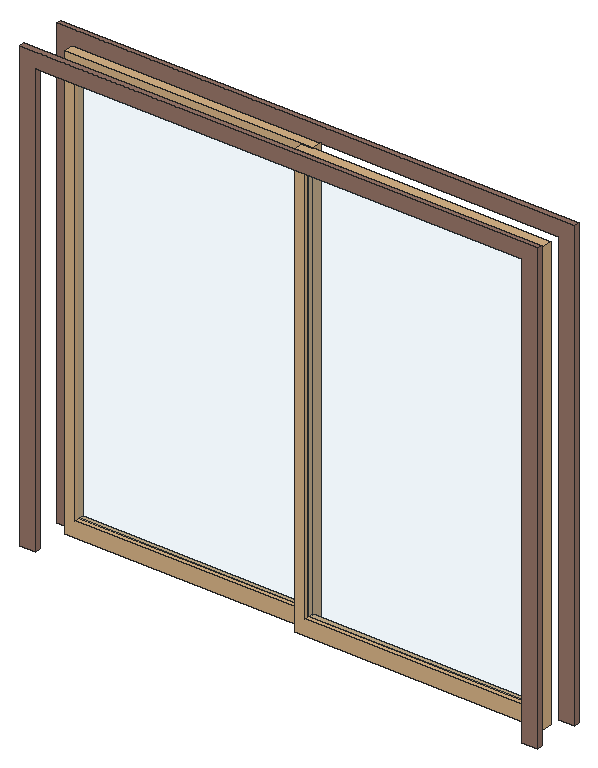
Revit family
Parameters (values of type "2400 x 2134mm")
  유리 = 유리
  Thickness = 50 mm
  Function = (empty or 0)
  Assembly Code = ""
  문 재료 = 문 - 패널
  프레임 재료 = 문 - 프레임
  Height = 2134 mm
  난간 폭 = 75 mm
  선틀 폭 = 50 mm
  자르기 투영 외부 = 25 mm
  자르기 투영 내부 = 25 mm
  자르기 폭 = 75 mm
  Wall Closure = (empty or 0)
  Width = 2400 mm
Reference planes
  plane 1: z = 0
  plane 2: x = 0
  plane 3: x = -1200
  plane 4: x = 1200
  plane 5: z = 2134
  plane 6: y = 228.6
  plane 7: y = 25.4
  plane 8: y = 178.6
  plane 9: y = 128.6
  plane 10: y = 203.6
  plane 11: y = 153.6
  plane 12: y = 156.775
  plane 13: y = 150.425
  plane 14: y = 206.775
  plane 15: y = 200.425
Forms (mm)
  Extrusion 1, solid, material "문 - 프레임" <- "프레임 재료"
    sketch origin (-1524, 228.6, 0) x (-1, 0, 0) y (0, 0, 1)
      loop
        line (-2724, 0) -> (-2724, 2134) -> (-324, 2134) -> (-324, 0) -> (-249, 0) -> (-249, 2209) -> (-2799, 2209) -> (-2799, 0) -> (-2724, 0)
    from 0 to 25
  Extrusion 2, solid, material "문 - 프레임" <- "프레임 재료"
    sketch origin (0, 25.4, 0) x (0, 0, -1) y (-1, 0, 0)
      loop
        line (0, 1200) -> (0, 1275) -> (-2209, 1275) -> (-2209, -1275) -> (0, -1275) -> (0, -1200) -> (-2134, -1200) -> (-2134, 1200) -> (0, 1200)
    from 0 to -25
  Extrusion 3, solid, material "문 - 패널" <- "문 재료"
    sketch origin (-1524, 228.6, 0) x (-1, 0, 0) y (0, 0, 1)
      loop
        line (-324, 2134) -> (-1549.4, 2134) -> (-1549.4, 0) -> (-324, 0) -> (-324, 2134)
      loop
        line (-374, 2059) -> (-1499.4, 2059) -> (-1499.4, 75) -> (-374, 75) -> (-374, 2059)
    from -50 to 0
  Extrusion 4, solid, material "유리" <- "유리"
    sketch origin (-1524, 228.6, 0) x (-1, 0, 0) y (0, 0, 1)
      loop
        line (-1499.4, 2059) -> (-1499.4, 75) -> (-374, 75) -> (-374, 2059) -> (-1499.4, 2059)
    from -28.175 to -21.825
  Extrusion 5, solid, material "문 - 패널" <- "문 재료"
    sketch origin (-1524, 228.6, 0) x (-1, 0, 0) y (0, 0, 1)
      loop
        line (-2724, 2134) -> (-2724, 0) -> (-1498.6, 0) -> (-1498.6, 2134) -> (-2724, 2134)
      loop
        line (-2674, 2059) -> (-2674, 75) -> (-1548.6, 75) -> (-1548.6, 2059) -> (-2674, 2059)
    from -100 to -50
  Extrusion 6, solid, material "유리"
    sketch origin (-1524, 228.6, 0) x (-1, 0, 0) y (0, 0, 1)
      loop
        line (-2674, 2059) -> (-2674, 75) -> (-1549.4, 75) -> (-1549.4, 2059) -> (-2674, 2059)
    from -78.175 to -71.825
Lines and regions (mm)
  Opening 1
    outline origin (-1524, 25.4, 3657.6) x (0, 0, -1) y (1, 0, 0)
      loop
        line (1523.6, 2724) -> (1523.6, 324) -> (3657.6, 324) -> (3657.6, 2724) -> (1523.6, 2724)
  symbolic lines, style "DoorsGlassProjection"
    curve 1: line (-1150, 203.6, 0) -> (-25.4, 203.6, 0)
    curve 18: line (25.4, 153.6, 0) -> (1149.2, 153.6, 0)
  symbolic lines, style "DoorsFrameMullionProjection"
    curve 2: line (1149.2, 178.6, 0) -> (1200, 178.6, 0)
    curve 3: line (1149.2, 178.6, 0) -> (1149.2, 128.6, 0)
    curve 4: line (1149.2, 128.6, 0) -> (1200, 128.6, 0)
    curve 5: line (1200, 178.6, 0) -> (1200, 128.6, 0)
    curve 6: line (-25.4, 228.6, 0) -> (25.4, 228.6, 0)
    curve 7: line (-25.4, 228.6, 0) -> (-25.4, 178.6, 0)
    curve 8: line (-25.4, 178.6, 0) -> (25.4, 178.6, 0)
    curve 9: line (25.4, 228.6, 0) -> (25.4, 178.6, 0)
    curve 10: line (-25.4, 178.6, 0) -> (25.4, 178.6, 0)
    curve 11: line (-25.4, 178.6, 0) -> (-25.4, 128.6, 0)
    curve 12: line (-25.4, 128.6, 0) -> (25.4, 128.6, 0)
    curve 13: line (25.4, 178.6, 0) -> (25.4, 128.6, 0)
    curve 14: line (-1200, 228.6, 0) -> (-1150, 228.6, 0)
    curve 15: line (-1200, 228.6, 0) -> (-1200, 178.6, 0)
    curve 16: line (-1200, 178.6, 0) -> (-1150, 178.6, 0)
    curve 17: line (-1150, 228.6, 0) -> (-1150, 178.6, 0)
Text (mm)
  text "외부" at (-1735.71, 556.18, 0), in view "지층"
  text "외부" at (0, 901.414, 2970.265), in view "좌측면"
Dimensions and locks
  equal spacing: plane 3, plane 2, plane 4
  "Width": plane 3 to plane 4
  "Height": plane 1 to plane 5
  "자르기 폭": plane 5 to Extrusion 1 sketch curve
  "자르기 폭": plane 3 to Extrusion 1 sketch curve
  "자르기 폭": plane 4 to Extrusion 1 sketch curve
  "자르기 투영 내부": plane 7 to Extrusion 2
  "자르기 투영 외부": Extrusion 1 to Extrusion 1
  "자르기 폭": Extrusion 2 sketch curve to plane 3
  "자르기 폭": plane 4 to Extrusion 2 sketch curve
  "자르기 폭": Extrusion 2 sketch curve to plane 5
  "난간 폭": Extrusion 3 sketch curve to plane 5
  "난간 폭": plane 1 to Extrusion 3 sketch curve
  "선틀 폭": Extrusion 3 sketch curve to Extrusion 3 sketch curve  (x2)
  Extrusion 3 sketch curve to plane 2 = 25.4 mm
  "Thickness": plane 8 to plane 6
  "Thickness": plane 9 to plane 8
  equal spacing: plane 8, plane 10, plane 6
  equal spacing: plane 9, plane 11, plane 8
  plane 12 to plane 11 to plane 13 = 3.175 mm locked, 3.175 mm locked
  plane 14 to plane 10 to plane 15 = 3.175 mm locked, 3.175 mm locked
  locked: plane 2 to Extrusion 5 sketch curve at 25.4
  "선틀 폭": Extrusion 5 sketch curve to Extrusion 5 sketch curve
  "난간 폭": plane 1 to Extrusion 5 sketch curve
  "난간 폭": Extrusion 5 sketch curve to plane 5
  "선틀 폭": Extrusion 5 sketch curve to plane 4
  aligned and locked: Opening 1 sketch curve to plane 5
  aligned and locked: Opening 1 sketch curve to plane 3
  aligned and locked: plane 4 to Opening 1 sketch curve
  aligned and locked: host wall to plane 6
  aligned and locked: plane 7 to host wall
  aligned and locked: host wall to Extrusion 3
  aligned and locked: curve 16 to Extrusion 3
  aligned and locked: plane 8 to Extrusion 3
  aligned and locked: plane 8 to curve 2
  aligned and locked: plane 9 to curve 4
  aligned and locked: curve 14 to host wall
  aligned and locked: curve 17 to Extrusion 3
  aligned and locked: plane 9 to curve 12
  aligned and locked: curve 9 to Extrusion 3
  aligned and locked: plane 6 to curve 6
  aligned and locked: curve 1 to plane 10
  aligned and locked: Extrusion 3 to Extrusion 4 sketch curve  (x2)
  aligned and locked: Extrusion 4 sketch curve to Extrusion 3  (x2)
  aligned and locked: Extrusion 4 to plane 15
  aligned and locked: Extrusion 4 to plane 14
  aligned and locked: plane 5 to Extrusion 5 sketch curve
  aligned and locked: plane 4 to Extrusion 5 sketch curve
  aligned and locked: plane 1 to Extrusion 5 sketch curve
  aligned and locked: plane 9 to Extrusion 5
  aligned and locked: Extrusion 5 to plane 8
  aligned and locked: Extrusion 5 to Extrusion 6 sketch curve  (x2)
  aligned and locked: Extrusion 6 sketch curve to Extrusion 5
  aligned and locked: Extrusion 3 to Extrusion 6 sketch curve
  aligned and locked: Extrusion 6 to plane 13
  aligned and locked: Extrusion 6 to plane 12
Automatic sketch dimensions
  Opening 1 sketch curve to level = 0 mm
  Extrusion 1 sketch curve to level = 0 mm  (x2)
  Extrusion 1 sketch curve to plane 4 = 0 mm
  Extrusion 1 sketch curve to plane 3 = 0 mm
  Extrusion 1 sketch curve to plane 5 = 0 mm
  Extrusion 2 sketch curve to plane 3 = 0 mm
  Extrusion 2 sketch curve to plane 5 = 0 mm
  Extrusion 2 sketch curve to level = 0 mm  (x2)
  Extrusion 2 sketch curve to plane 4 = 0 mm
  Extrusion 3 sketch curve to plane 3 = 0 mm
  curve 16 to plane 3 = 0 mm
  curve 7 to plane 8 = 0 mm
  curve 18 to plane 11 = 0 mm
  curve 4 to plane 4 = 0 mm
  curve 1 to plane 2 = 25.4 mm
  curve 18 to curve 8 = 0 mm
  plane 4 to curve 18 = 50.8 mm
  curve 2 to curve 18 = 0 mm
